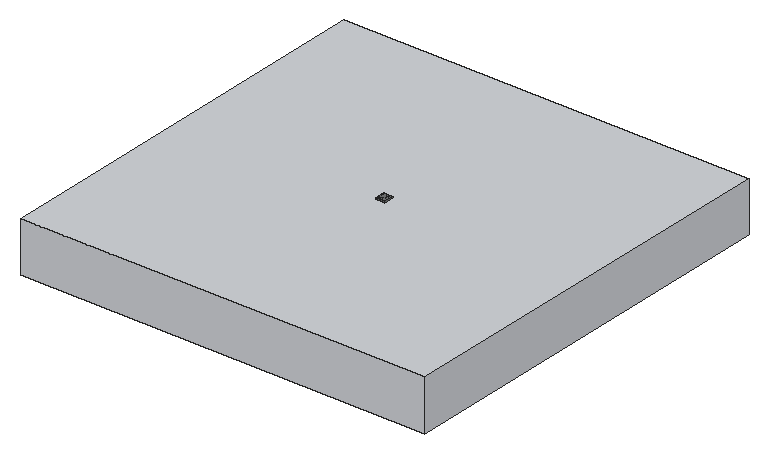
Revit family "Gira_213326", category Elektroinstallationen, Revit 2017
Family settings
  Basisbauteil = Fläche
  Beschriftungsausrichtung beibehalten = Nein
  Bemaßung runder Anschluss = Durchmesser verwenden
  Teiletyp = Normal
  Beim Laden mit Abzugskörper schneiden = Nein
  Gemeinsam genutzt = Nein
  Raumberechnungspunkt = Nein
Parameters
  Werkstoffgüte = "sonstige"
  Werkstoff = "sonstige"
  URL = "https://www.gira.de/"
  Typname = "Wippenset 3f BSF System 55 Klar/F Alu"
  Transparent = no
  RAL-Nummer (ähnlich) = 9010
  Produktseite = "http://katalog.gira.de/de_DE/datenblatt.html?artikelnr=213326"
  Oberfläche = "sonstige"
  Montageart = "Aufputz"
  Mit Busankopplung = no
  Hersteller = "Gira"
  HAN = "213326"
  GTIN = "4010337081364"
  Farbe = "Aluminium"
  Datenblatt = "https://katalog.gira.de/de_DE/download.html?artikelnr=213326"
  Bussystem Powernet = no
  Bussystem LON = no
  Bussystem KNX-Funk = no
  Bussystem KNX = yes
  Bussystem Funkbus = no
  Beschreibung = "Wippenset 3fach mit Beschriftungsfeld System 55 Klar   Farbe Alu Hinweise : - Beschreibbare Wippensets und Wippensets mit Beschriftungsfeld können mit einer individuellen Beschriftung versehen werden. Die Bestellung wird über den Großhandel abgewickelt, der beim Bestellvorgang der Wippen angegeben wurde. - Beschreibbare Wippensets und Wippensets ohne Beschriftungsfeld sind aus Metall. Dies kann bei Funkanwendungen zu Reichweiteneinbußen führen. - Professionelle Beschriftung über den Gira Beschriftungsservice www.beschriftung.gira.de."
  Bauelement = "Sys55_Abdeckung_Schalten und Tasten"
  Default Elevation = 1219.2 mm
  BIM = "https://media.stage.bim.site/public/gira/ce1eeae/Sys55_Abdeckung_Schalten%20und%20Tasten.rfa?public/gira/ce1eeae/Sys55_Abdeckung_Schalten und Tasten.rfa"
  Ausführung der Oberfläche = "nicht zutreffend"
  Ausführung = "Wandsender komplett"
  Anzahl der Kanäle = 3
  Anthrazit [instance] = Anthrazit
  Andere Bussysteme = "ohne"
Reference planes
  plane 1 "Center (Front/Back)": y = 0
  plane 2: z = 0
  plane 3 "Center (Left/Right)": x = 0
Forms (mm)
  Extrusion 1, solid
    sketch origin (0, 0, 0) x (1, 0, 0) y (0, 1, 0)
      loop
        line (-1219.2, 1219.2) -> (-1219.2, -1219.2) -> (1219.2, -1219.2) -> (1219.2, 1219.2) -> (-1219.2, 1219.2)
    from 0 to -304.8
  Extrusion 2, solid, material "Anthrazit" <- "Anthrazit", detail levels fine
    sketch origin (0, 0, 0) x (1, 0, 0) y (0, 1, 0)
      loop
        line (-27.5, 27.5) -> (-27.5, -27.5) -> (27.5, -27.5) -> (27.5, 27.5) -> (-27.5, 27.5)
    from 0 to 8
  Extrusion 3, void
    sketch origin (0, 0, 0) x (1, 0, 0) y (0, 1, 0)
      loop
        line (26, 26) -> (-26, 26) -> (-26, -26) -> (26, -26) -> (26, 26)
    from 0 to 6
  Extrusion 4, solid, material "Anthrazit" <- "Anthrazit", detail levels medium
    sketch origin (0, 0, 0) x (1, 0, 0) y (0, 1, 0)
      loop
        line (-27.5, 27.5) -> (-27.5, -27.5) -> (27.5, -27.5) -> (27.5, 27.5) -> (-27.5, 27.5)
    from 0 to 8
  Extrusion 5, solid, material "Anthrazit" <- "Anthrazit", detail levels medium
    sketch origin (0, 0, 0) x (1, 0, 0) y (0, 1, 0)
      loop
        line (11, -17.5) -> (11, 17.5) -> (-11, 17.5) -> (-11, -17.5) -> (11, -17.5)
    from -6 to 6
  Extrusion 6, solid, material "Anthrazit" <- "Anthrazit", detail levels fine
    sketch origin (0, 0, 0) x (1, 0, 0) y (0, 1, 0)
      loop
        line (11, 17.5) -> (-11, 17.5) -> (-11, 16.5) -> (11, 16.5) -> (11, 17.5)
      loop
        line (-11, -16.5) -> (-11, -17.5) -> (11, -17.5) -> (11, -16.5) -> (-11, -16.5)
    from -4 to 6
  Extrusion 7, solid, material "Anthrazit" <- "Anthrazit", detail levels fine
    sketch origin (0, 0, 0) x (1, 0, 0) y (0, 1, 0)
      loop
        arc (5, 9.347) -> (0, 10.6) -> (-5, 9.347) r 10.6
        line (-5, 9.347) -> (-5, -9.347)
        arc (-5, -9.347) -> (0, -10.6) -> (5, -9.347) r 10.6
        line (5, -9.347) -> (5, 9.347)
    from -6 to 6
  Extrusion 8, solid, material "Anthrazit" <- "Anthrazit", detail levels coarse
    sketch origin (0, 0, 0) x (1, 0, 0) y (0, 1, 0)
      loop
        line (-27.5, 27.5) -> (-27.5, -27.5) -> (27.5, -27.5) -> (27.5, 27.5) -> (-27.5, 27.5)
    from -6 to 8
Cuts and joins
  Extrusion 3 cuts Extrusion 2
Dimensions and locks
  aligned and locked: plane 2 to Extrusion 1
  aligned and locked: level to Extrusion 1
